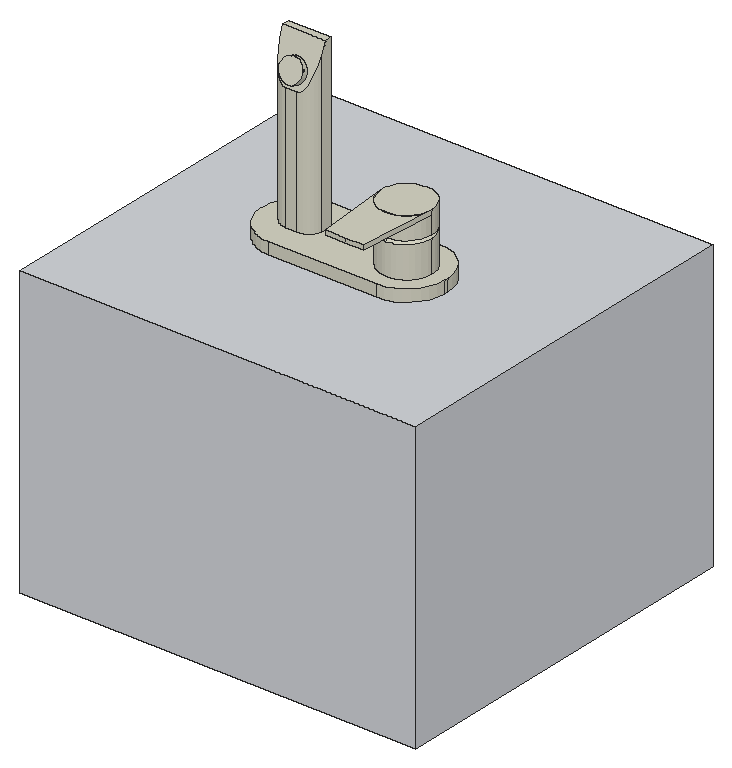
Revit family "IS_Tesi_A6578_BIM_GB", category Plumbing Fixtures, host Face, Revit 2014
Parameters (values of type "A6578AA - Tesi single lever built In basin mixer (requires build In Kit A5948NU)")
  WorkingPressure = "3 Bar"
  WaterEfficientProduct = no
  WarrantyStartDate [instance] = "1900-12-31T23:59:59"
  WarrantyGuarantorParts = "Productinfo@thebluebook.co.uk"
  WarrantyGuarantorLabor = "n/a"
  WarrantyDurationUnit = "year"
  WarrantyDurationParts = "5"
  WarrantyDurationLabor = "n/a"
  WarrantyDescription = "Manufacturers Warranty"
  WRAS = no
  WFU = 0
  VolumeUnits = "Litres"
  Version = "1"
  ValvePattern = "n/a"
  ValveOperation = "Lever"
  ValveMechanism = "Other"
  Uniclass2015Version = "Products v1.1"
  Uniclass2015Reference = "Pr_40_20_87_96"
  Uniclass2015Description = "Washbasin manual water supply sets"
  Uniclass2 = "n/a"
  URL = "www.idealspec.co.uk"
  Type Comments = "n/a"
  TestPressure = "10 Bar"
  TapMatl = ISI_IdealStandard_Brassware_Chrome_Render
  TagNumber [instance] = "n/a"
  TMV3 = no
  SustainabilityPerformance = "n/a"
  SpareParts = "www.fastpart-spares.co.uk"
  Space = "Internal"
  Size = "124 x 193 x 194 mm"
  Shape = "Sculptured"
  SerialNumber [instance] = "n/a"
  Revision = "n/a"
  ReplacementCost = "n/a"
  Reference = "n/a"
  ProductInformation = "www.idealspec.co.uk/datasheets/A6578AA"
  Phone = "01543 490 253"
  NominalWidth = 194 mm
  NominalLength = 192 mm
  NominalHeight = 123.035 mm
  NettWeight = "0 Kg"
  Name = "Brassware_Tesi_A6578_IdealStandard"
  NBSTypeID = "n/a"
  NBSReference = "45-35-70/371"
  NBSOfficeMasterTag = "n/a"
  NBSNote = "n/a"
  NBSDescription = "4015413338424"
  NBSCertification = "n/a"
  ModelReference = Description  # "Tesi single lever built In basin mixer (requires build In Kit A5948NU)"
  ModelNumber = Model  # "A6578AA"
  Model = "A6578AA"
  Material = "Brass"
  ManufacturerURL = "www.idealspec.co.uk"
  Manufacturer = "Productinfo@thebluebook.co.uk"
  LinearUnits = "millimeters"
  InstallationInstructions = "www.idealspec.co.uk/resources.html"
  InstallationDate [instance] = "1900-12-31T23:59:59"
  IfcExportType = "FAUCET"
  IfcExportAs = "IfcValveType"
  Help = "www.idealspec.co.uk/contact-us.html"
  HWFU = 0
  GrossWeight = "n/a"
  Grade = "n/a"
  FlowRate = "5L/hr @ 3bar"
  FlowCoefficient = "n/a"
  Finish = "Chrome"
  Features = "Single lever built In basin mixer (requires build In Kit A5948NU)"
  FaucetType = "PILLAR"
  FaucetTopDescription = "n/a"
  FaucetOperation = "LEVERHANDLE"
  FaucetFunction = "MIXED"
  ExpectedLife = "30"
  ECA = no
  DurationUnit = "year"
  DistributedBy = "n/a"
  Description = "Tesi single lever built In basin mixer (requires build In Kit A5948NU)"
  Default Elevation = 800 mm
  CurrencyUnit = "n/a"
  CreatedOn = "2014-10-10"
  Cost = 0
  Constituents = "n/a"
  ConnectionType = "Plumbing"
  Color = "Chrome"
  CodePerformance = "n/a"
  CloseOffRating = "n/a"
  Category = "n/a"
  CWFU = 0
  Brand = "Ideal Standard"
  BarCode = "n/a"
  BREEAMApproved = no
  BIMObjectName = "ISI_IdealStandard_MixerTaps_Tesi_A6578"
  Author = "Ideal Standard (UK) Ltd"
  AssetType = "Fixed"
  AssetIdentifier [instance] = "n/a"
  Assembly Code = "C1030200"
  AreaUnits = "millimeters"
  AreaMeasurement = "n/a"
  Accessories = "www.idealspec.co.uk"
  AccessibilityPerformance = "n/a"
Reference planes
  plane 1 "Center (Front/Back)": y = 0
  plane 2: z = 0
  plane 3 "Center (Left/Right)": x = 0
  plane 4: z = 192
  plane 5: x = -97
  plane 6: x = 97
  plane 7: y = 41.098
  plane 8: y = -81.937
  plane 9: z = 73
  plane 10: x = 54.912
  plane 11: through (0, 2.179, 191.883) normal (0, -0.9397, 0.342)
  plane 12: x = -54.99
Forms (mm)
  Extrusion 1, solid
    sketch origin (-2.122, -192.856, 0) x (1, 0, 0) y (0, 1, 0)
      loop
        line (-197.878, 392.856) -> (-197.878, 0.823) -> (220.32, 0.823) -> (220.32, 392.856) -> (-197.878, 392.856)
    from 0 to -304.8
  Extrusion 2, solid, material "ISI_IdealStandard_Brassware_Chrome_Render" <- "TapMatl"
    sketch origin (0, 0, 0) x (1, 0, 0) y (0, 1, 0)
      loop
        arc (-57, 41.657) -> (-85.284, 29.941) -> (-97, 1.657) r 40
        line (-97, 1.657) -> (-97, -2.343)
        arc (-97, -2.343) -> (-85.284, -30.627) -> (-57, -42.343) r 40
        line (-57, -42.343) -> (57, -42.343)
        arc (57, -42.343) -> (85.284, -30.627) -> (97, -2.343) r 40
        line (97, -2.343) -> (97, 1.657)
        arc (97, 1.657) -> (85.284, 29.941) -> (57, 41.657) r 40
        line (57, 41.657) -> (-57, 41.657)
    from 0 to 12.5
  Extrusion 3, solid, material "ISI_IdealStandard_Brassware_Chrome_Render" <- "TapMatl"
    sketch origin (0, 0, 0) x (1, 0, 0) y (0, 1, 0)
      loop
        circle (54.644, 0) r 27
    from 0 to 73
  Extrusion 4, solid, material "ISI_IdealStandard_Brassware_Chrome_Render" <- "TapMatl"
    sketch origin (27.644, -4572, 73) x (-1, 0, 0) y (0, -1, 0)
      loop
        line (-27.268, -4490.653) -> (-46.784, -4490.653) -> (-54.052, -4572)
        arc (-54.052, -4572) -> (-27.026, -4544.974) -> (0, -4572) r 27.026
        line (0, -4572) -> (-7.268, -4490.653) -> (-27.268, -4490.653)
    from 0 to -5
  Revolve 5, void
    sketch origin (54.912, -4572, 73.074) x (0, 0, 1) y (0, -1, 0)
      loop
        arc (-23.909, -4590.891) -> (-26.838, -4597.962) -> (-33.909, -4600.891) r 10
        line (-33.909, -4600.891) -> (-23.909, -4600.891) -> (-23.909, -4590.891)
      axis (-23.909, -4572) -> (-33.909, -4572)
    angle from 0 to 360
  Extrusion 6, solid, material "ISI_IdealStandard_Brassware_Chrome_Render" <- "TapMatl"
    sketch origin (0, 0, 0) x (1, 0, 0) y (0, 1, 0)
      loop
        line (-77.225, 10) -> (-77.225, -15) -> (-32.756, -15) -> (-32.756, 10) -> (-77.225, 10)
    from 12.5 to 192
  Extrusion 7, void
    sketch origin (-54.99, 9.934, 1219.2) x (0, -1, 0) y (0, 0, 1)
      loop
        line (7.713, -1027.2) -> (24.934, -1074.516) -> (24.934, -1027.2) -> (7.713, -1027.2)
    from -22.234 to 22.234
  Extrusion 8, void
    sketch origin (-51.175, -4572, 192) x (0, -1, 0) y (-1, 0, 0)
      loop
        arc (-4574, 26.581) -> (-4561.979, 21.602) -> (-4557, 9.581) r 17
        line (-4557, 9.581) -> (-4557, 26.581) -> (-4574, 26.581)
    from 0 to 179.5
  Extrusion 9, void
    sketch origin (-58.806, -4572, 192) x (0, 1, 0) y (1, 0, 0)
      loop
        line (4574, 26.581) -> (4557, 26.581) -> (4557, 9.581)
        arc (4557, 9.581) -> (4561.979, 21.602) -> (4574, 26.581) r 17
    from 0 to 179.5
  Extrusion 10, solid, material "ISI_IdealStandard_Brassware_Chrome_Render" <- "TapMatl"
    sketch origin (0, 2.179, 191.883) x (0, 0.34202, 0.939693) y (-1, 0, 0)
      loop
        circle (-33.176, 56.143) r 12.5
    from 0 to 5
  Extrusion 11, solid
    sketch origin (-26.175, -4572, 192) x (-1, 0, 0) y (0, -1, 0)
      loop
        circle (-106.087, -4572) r 10.5
      loop
        circle (-51.175, -4572) r 10.5
    from -201.234 to -192
Cuts and joins
  Revolve 5 cuts Extrusion 3
  Extrusion 7, Extrusion 8, Extrusion 9 cuts Extrusion 6
  Extrusion 8, Extrusion 9 cuts Extrusion 2
Dimensions and locks
  "NominalLength": plane 4 to plane 2
  "NominalWidth": plane 5 to plane 6
  "NominalHeight": plane 7 to plane 8
  equal spacing: cut or joined group of Extrusion 6, Extrusion 7, Extrusion 8, Extrusion 9, plane 12, cut or joined group of Extrusion 6, Extrusion 7, Extrusion 8, Extrusion 9
  aligned and locked: plane 2 to Extrusion 1
  aligned and locked: level to Extrusion 1
  aligned and locked: Extrusion 2 sketch curve to plane 5
  aligned and locked: plane 6 to Extrusion 2 sketch curve
  aligned and locked: plane 9 to Extrusion 3
  aligned and locked: plane 4 to Extrusion 6
  aligned and locked: Extrusion 7 to Extrusion 6
  aligned and locked: Extrusion 6 to Extrusion 7
  aligned and locked: Extrusion 6 to Extrusion 2
  aligned and locked: Extrusion 11 to Extrusion 1
Automatic sketch dimensions
  Extrusion 1 sketch curve to Extrusion 1 sketch curve = 418.198 mm
  Extrusion 1 sketch curve to Extrusion 1 sketch curve = 392.033 mm
  Extrusion 2 sketch curve to plane 12 = 2.01 mm  (x2)
  Extrusion 2 sketch curve to plane 1 "Center (Front/Back)" = 1.657 mm  (x2)
  plane 10 to Extrusion 2 sketch curve = 2.088 mm
  plane 1 "Center (Front/Back)" to Extrusion 2 sketch curve = 2.343 mm
  plane 1 "Center (Front/Back)" to Extrusion 3 sketch curve = 0 mm
  Extrusion 3 sketch curve to plane 10 = 0.268 mm
  plane 1 "Center (Front/Back)" to Extrusion 4 sketch curve = 0 mm
  plane 6 to Extrusion 4 sketch curve = 15.304 mm
  plane 8 to Extrusion 4 sketch curve = 0.59 mm
  plane 10 to Extrusion 4 sketch curve = 19.517 mm
  Extrusion 4 sketch curve to plane 10 = 0 mm
  Extrusion 4 sketch curve to plane 10 = 0.242 mm
  Extrusion 4 sketch curve to Extrusion 4 sketch curve = 20 mm
  Revolve 5 sketch curve to plane 1 "Center (Front/Back)" = 0 mm
  Revolve 5 sketch curve to plane 9 = 0 mm
  Revolve 5 sketch curve to plane 7 = 12.207 mm
  Revolve 5 sketch curve to plane 9 = 23.835 mm
  Revolve 5 sketch curve to Revolve 5 sketch curve = 10 mm
  level to Revolve 5 sketch curve = 19.603 mm
  Extrusion 6 sketch curve to plane 5 = 19.775 mm
  plane 12 to Extrusion 6 sketch curve = 22.234 mm
  plane 1 "Center (Front/Back)" to Extrusion 6 sketch curve = 15 mm
  Extrusion 6 sketch curve to plane 1 "Center (Front/Back)" = 10 mm
  Extrusion 7 sketch curve to plane 4 = 0 mm
  Extrusion 7 sketch curve to plane 11 = 0 mm  (x2)
  plane 1 "Center (Front/Back)" to Extrusion 7 sketch curve = 15 mm
  Extrusion 8 sketch curve to plane 1 "Center (Front/Back)" = 2 mm
  Extrusion 8 sketch curve to plane 12 = 5.766 mm
  plane 1 "Center (Front/Back)" to Extrusion 8 sketch curve = 15 mm
  plane 1 "Center (Front/Back)" to Extrusion 9 sketch curve = 15 mm
  Extrusion 9 sketch curve to plane 1 "Center (Front/Back)" = 2 mm
  plane 12 to Extrusion 9 sketch curve = 22.766 mm
  Extrusion 10 sketch curve to plane 12 = 1.152 mm
  plane 1 "Center (Front/Back)" to Extrusion 11 sketch curve = 0 mm  (x2)
  plane 10 to Extrusion 11 sketch curve = 25 mm
  plane 3 "Center (Left/Right)" to Extrusion 11 sketch curve = 25 mm
  radius of Extrusion 3 sketch curve = 27 mm
  radius of Extrusion 10 sketch curve = 12.5 mm
  radius of Extrusion 11 sketch curve = 10.5 mm  (x2)
Connectors
  piping at (25, 0, -9.234), diameter 10.5
    settings: on Extrusion 11, index 1, connector inside diameter 24", connector length 0 mm, flow factor 0, pipe flow 0 GPM, pressure drop 0.00 psi, fitting loss kfactor 0, connector angle 0.00°, fixture units 0, engagement length 0 mm, angle of deflection 0.00°, flow configuration 2, flow direction 1, fitting loss method 0, system type 19, joint type 0, gender type 0, connector reference index -1, connector utility 0, adjustable connector no, is connector primary yes, connector description ""
  piping at (79.912, 0, -9.234), diameter 10.5
    settings: on Extrusion 11, index 2, connector inside diameter 24", connector length 0 mm, flow factor 0, pipe flow 0 GPM, pressure drop 0.00 psi, fitting loss kfactor 0, connector angle 0.00°, fixture units 0, engagement length 0 mm, angle of deflection 0.00°, flow configuration 2, flow direction 1, fitting loss method 0, system type 20, joint type 0, gender type 0, connector reference index -1, connector utility 0, adjustable connector no, is connector primary no, connector description ""
